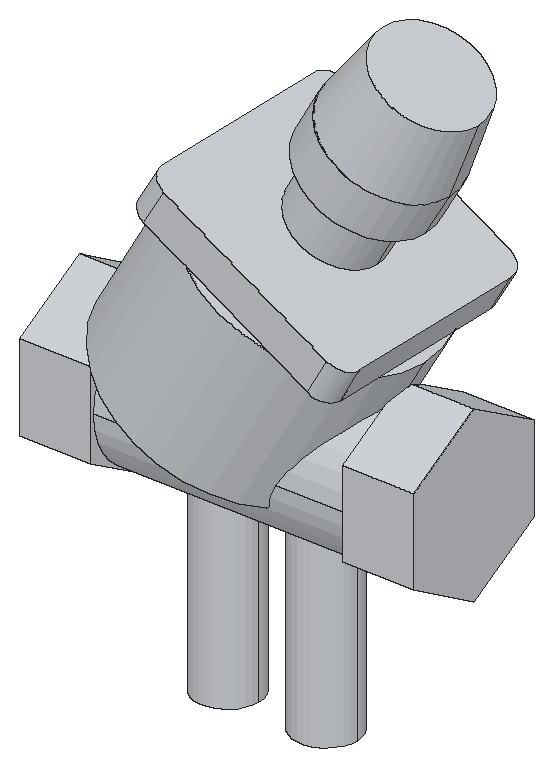
Revit family "OPTIMA_Compact_Plus_FF_DN25_5,5_RFA_2018", category Pipe Accessories, Revit 2018
Family settings
  Round Connector Dimension = Use Diameter
  Part Type = Valve - Breaks Into
  Work Plane-Based = No
  Always vertical = Yes
  Cut with Voids When Loaded = No
  Shared = No
Parameters (values of type "OPTIMA Compact Plus DN25 F-F 5.5mm")
  magiProductId = "d9f644dbdce8417aa9c852cd9f0b5f"
  magiProductFamilyId = "01be67634ee84b2d9a1468c78c5465"
  magiPartTypeId = 304
  isMeasuringValve [instance] = no
  ang2D [instance] = 0.00°
  Z = 0 mm
  X = 13 mm
  W2D = 32 mm
  VersionID = "2.0/2018.8.28.1/FRESE_OPTIMA-COMPACT-FF_001"
  Use Minimum Symbol Size [instance] = yes
  URL = "www.hydronic.cz"
  Type Comments = "vnitřní závit; PN25; 0~120°C, s měřením"
  R9 = 8 mm
  R8 = 14 mm
  R7 = 17 mm
  R6 = 12 mm
  R5 = 5 mm
  R4 = 29 mm
  R3 = 31.5 mm
  R2 = 18.5 mm
  R1 = 22 mm
  QmdConnectorList = "301;D;302;D"
  Productdata [instance] = ""
  PLG0 = yes
  Manufacturer = "Hydronic Systems Prague s.r.o."
  MC Product Code = "53-1373  (1\" F-F; 5.5mm; Qmin-dpmin 600l/h-17.3kPa; Qmax-dpmin 3609l/h-23.0kPa; dpmax 800kPa)"
  MC Piping Given Pressure Drop [instance] = 0.0 Pa
  LL = 50 mm
  L3 = 12.5 mm
  L2D_Min = 3048 mm
  L2D = 104 mm
  L2 = 64 mm
  L1__ve = -L1  # -18 mm
  L1 = 18 mm
  H6__ve = -H6  # -64 mm
  H6 = 64 mm
  H5 = 20 mm
  H4 = 12 mm
  H3 = 16 mm
  H2 = 10 mm
  H1 = 43 mm
  Description = "Tlakově nezávislý 2-cestný regulační vyvažovací ventil (PICV)"
  D = 25 mm
  CenSd_R1_6 = R1 * cos(30.00°)  # 19.053 mm
  A = 30.00°
Types (6, lengths in mm): name | magiProductId | Z | X | R4 | R3 | R2 | R1 | MC Product Code | LL | L3 | L2 | L1__ve | L1 | H6__ve | H6 | H3 | H2 | H1 | D | CenSd_R1_6
  OPTIMA Compact Plus DN32 F-F 5.5mm | "df1c00d195034ef0b1ec6dc57a3080" | 1 | 13 | 29 | 31.5 | 22 | 26 | "53-1374  (5/4\" F-F; 5.5mm; Qmin-dpmin 550l/h-17.9kPa; Qmax-dpmin 4001l/h-28.0kPa; dpmax 800kPa)" | 52 | 12.5 | 66.56 | -18.72 | 18.72 | -68 | 68 | 16 | 10 | 46 | 32 | 22.517
  OPTIMA Compact Plus DN15 F-F 2.5mm | "89b348523dca4fefb6c7ae521abddd" | 0 | 7 | 19 | 19 | 12 | 15 | "53-1364  (1/2\" F-F; 2.5mm; Qmin-dpmin 100l/h-14.9kPa; Qmax-dpmin 575l/h-18.5kPa; dpmax 800kPa)" | 37.5 | 11 | 48 | -13.5 | 13.5 | -57 | 57 | 18 | 8 | 26 | 15 | 12.99
  OPTIMA Compact Plus DN15 F-F 5.0mm | "2e6505697e744e01b0ad9c2d669662" | 0 | 7 | 19 | 19 | 12 | 15 | "53-1365  (1/2\" F-F; 5.0mm; Qmin-dpmin 220l/h-16.0kPa; Qmax-dpmin 1330l/h-21.6kPa; dpmax 800kPa)" | 37.5 | 11 | 48 | -13.5 | 13.5 | -57 | 57 | 18 | 8 | 26 | 15 | 12.99
  OPTIMA Compact Plus DN20 F-F 5.0mm | "3b063aaad6f44e8dbcb4679e4a622e" | 0 | 10 | 19 | 19 | 13.5 | 17.5 | "53-1368  (3/4\" F-F; 5.0mm; Qmin-dpmin 220l/h-16.0kPa; Qmax-dpmin 1330l/h-21.6kPa; dpmax 800kPa)" | 39.5 | 11 | 50.56 | -14.22 | 14.22 | -59.5 | 59.5 | 18 | 8 | 26 | 20 | 15.155
  OPTIMA Compact Plus DN20 F-F 5.5mm | "6f2e419bcadf4dd2a9ff6e694a03fa" | 0 | 10 | 19 | 19 | 13.5 | 17.5 | "53-1338  (3/4\" F-F; 5.5mm; Qmin-dpmin 300l/h-17.8kPa; Qmax-dpmin 1800l/h-40.0kPa; dpmax 800kPa)" | 39.5 | 11 | 50.56 | -14.22 | 14.22 | -59.5 | 59.5 | 18 | 8 | 26 | 20 | 15.155
  OPTIMA Compact Plus DN25 F-F 5.5mm | "d9f644dbdce8417aa9c852cd9f0b5f" | 0 | 13 | 29 | 31.5 | 18.5 | 22 | "53-1373  (1\" F-F; 5.5mm; Qmin-dpmin 600l/h-17.3kPa; Qmax-dpmin 3609l/h-23.0kPa; dpmax 800kPa)" | 50 | 12.5 | 64 | -18 | 18 | -64 | 64 | 16 | 10 | 43 | 25 | 19.053
Reference planes
  plane 1 "Center (Front/Back)": y = 0
  plane 2 "XYPLANE": z = 0
  plane 3 "Center (Left/Right)": x = 0
  plane 4 "267": x = 12.5
  plane 5 "266": x = -12.5
  plane 6 "252": through (-599.019, 0, 462.469) normal (0.5, 0, 0.866)
  plane 7 "250": through (-609.019, 0, 445.148) normal (0.5, 0, 0.866)
  plane 8 "248": through (-615.019, 0, 434.756) normal (0.5, 0, 0.866)
  plane 9 "245": through (-623.019, 0, 420.899) normal (0.5, 0, 0.866)
  plane 10 "241": through (338.627, 0, 670.519) normal (0.866, 0, -0.5)
  plane 11 "240": through (388.856, 0, 641.519) normal (0.866, 0, -0.5)
  plane 12 "239": y = -29
  plane 13 "238": y = 29
  plane 14 "237": through (-628.019, 0, 412.239) normal (0.5, 0, 0.866)
  plane 15 "235": through (-649.519, 0, 375) normal (0.5, 0, 0.866)
  plane 16 "231": y = 0
  plane 17 "230": through (363.742, 0, 656.019) normal (0.866, 0, -0.5)
  plane 18 "211": x = -32
  plane 19 "204": x = 50
  plane 20 "203": x = -50
  plane 21 "202": x = 0
  plane 22 "201": z = 0
  plane 23 "200": y = 0
  plane 24 "227XY": through (-649.519, 0, 375) normal (0.5, 0, 0.866)
  plane 25 "227XZ": y = 0
  plane 26 "227YZ": through (375, 0, 649.519) normal (0.866, 0, -0.5)
Forms (mm)
  Extrusion 1, solid
    sketch origin (50, -750, 0) x (0, 1, 0) y (0, 0, 1)
      loop
        line (750, 22) -> (730.947, 11) -> (730.947, -11) -> (750, -22) -> (769.053, -11) -> (769.053, 11) -> (750, 22)
    from 0 to -18 <- "L1__ve"
  Extrusion 2, solid
    sketch origin (-50, -750, 0) x (0, 1, 0) y (0, 0, 1)
      loop
        line (750, 22) -> (730.947, 11) -> (730.947, -11) -> (750, -22) -> (769.053, -11) -> (769.053, 11) -> (750, 22)
    from 0 to 18 <- "L1"
  Extrusion 3, solid, visible <- "PLG0"
    sketch origin (-750, 0, 0) x (1, 0, 0) y (0, 1, 0)
      loop
        circle (762.5, 0) r 8
    from 0 to -64 <- "H6__ve"
  Extrusion 4, solid, visible <- "PLG0"
    sketch origin (-750, 0, 0) x (1, 0, 0) y (0, 1, 0)
      loop
        circle (737.5, 0) r 8
    from 0 to -64 <- "H6__ve"
  Blend 5, solid
    base sketch origin (-609.019, 0, 445.148) x (0.866025, 0, -0.5) y (0, 1, 0)
      loop
        circle (737, 0) r 17
    top sketch origin (-609.019, 0, 445.148) x (0.866025, 0, -0.5) y (0, 1, 0)
      loop
        circle (737, 0) r 14
    from 0 to 20
  Extrusion 6, solid
    sketch origin (-615.019, 0, 434.756) x (0.866025, 0, -0.5) y (0, 1, 0)
      loop
        circle (737, 0) r 17
    from 0 to 12 <- "H4"
  Extrusion 7, solid
    sketch origin (-623.019, 0, 420.899) x (0.866025, 0, -0.5) y (0, 1, 0)
      loop
        circle (737, 0) r 12
    from 0 to 16 <- "H3"
  Extrusion 8, solid
    sketch origin (-628.019, 0, 412.239) x (0.866025, 0, -0.5) y (0, 1, 0)
      loop
        arc (713, 29) -> (709.464, 27.536) -> (708, 24) r 5
        line (708, 24) -> (708, -24)
        arc (708, -24) -> (709.464, -27.536) -> (713, -29) r 5
        line (713, -29) -> (761, -29)
        arc (761, -29) -> (764.536, -27.536) -> (766, -24) r 5
        line (766, -24) -> (766, 24)
        arc (766, 24) -> (764.536, 27.536) -> (761, 29) r 5
        line (761, 29) -> (713, 29)
    from 0 to 10 <- "H2"
  Extrusion 9, solid
    sketch origin (-649.519, 0, 375) x (0.866025, 0, -0.5) y (0, 1, 0)
      loop
        circle (737, 0) r 31.5
    from 0 to 43 <- "H1"
  Extrusion 10, solid
    sketch origin (-32, -750, 0) x (0, 1, 0) y (0, 0, 1)
      loop
        circle (750, 0) r 18.5
    from 0 to 64 <- "L2"
  Extrusion 11, solid, not visible
    sketch origin (50, -750, 0) x (0, 1, 0) y (0, 0, 1)
      loop
        circle (750, 0) r 10
    from 0 to -10
  Extrusion 12, solid, not visible
    sketch origin (-50, -750, 0) x (0, 1, 0) y (0, 0, 1)
      loop
        circle (750, 0) r 10
    from 0 to 10
Lines and regions (mm)
  reference lines, not visible
    curve 1: circle (2, 2, 0) r 1 normal (0, 0, 1)
  reference lines
    curve 2: line (50, 0, 0) -> (50, -11.258, -6.5)
    curve 3: line (50, 0, 0) -> (50, 0, -13)
    curve 4: line (50, 0, 0) -> (50, 11.258, -6.5)
    curve 5: line (-50, 0, 0) -> (-50, 11.258, -6.5)
    curve 6: line (-50, 0, 0) -> (-50, 0, -13)
    curve 7: line (-50, 0, 0) -> (-50, -11.258, -6.5)
Dimensions and locks
  plane 1 "Center (Front/Back)" to curve 1 = 2 mm
  "L3": plane 3 "Center (Left/Right)" to plane 4 "267"
  "L3": plane 3 "Center (Left/Right)" to plane 5 "266"
  "H5": plane 7 "250" to plane 6 "252"
  "H4": plane 8 "248" to plane 7 "250"
  "H3": plane 9 "245" to plane 8 "248"
  "H2": plane 14 "237" to plane 9 "245"
  "R4": plane 17 "230" to plane 10 "241"
  "R4": plane 17 "230" to plane 11 "240"
  "R4": plane 23 "200" to plane 12 "239"
  "R4": plane 23 "200" to plane 13 "238"
  "H1": plane 15 "235" to plane 14 "237"
  "Z": plane 24 "227XY" to plane 15 "235"
  locked: plane 23 "200" to plane 16 "231"
  "X": plane 26 "227YZ" to plane 17 "230"
  "L1": plane 20 "203" to plane 18 "211"
  "LL": plane 3 "Center (Left/Right)" to plane 19 "204"
  "LL": plane 3 "Center (Left/Right)" to plane 20 "203"
  locked: plane 3 "Center (Left/Right)" to plane 21 "202"
  locked: plane 2 "XYPLANE" to plane 22 "201"
  locked: plane 1 "Center (Front/Back)" to plane 23 "200"
  "CenSd_R1_6": curve 2 to Extrusion 1 sketch curve  (x2)
  "CenSd_R1_6": curve 3 to Extrusion 1 sketch curve  (x2)
  "CenSd_R1_6": curve 4 to Extrusion 1 sketch curve  (x2)
  Extrusion 1 sketch curve to Extrusion 1 sketch curve = 0 mm  (x12)
  "CenSd_R1_6": curve 5 to Extrusion 2 sketch curve  (x2)
  "CenSd_R1_6": curve 6 to Extrusion 2 sketch curve  (x2)
  "CenSd_R1_6": curve 7 to Extrusion 2 sketch curve  (x2)
  Extrusion 2 sketch curve to Extrusion 2 sketch curve = 0 mm  (x12)
  Extrusion 8 sketch curve to Extrusion 8 sketch curve = 0 mm  (x16)
  "R9": radius of Extrusion 3 sketch curve
  "R9": radius of Extrusion 4 sketch curve
  "R8": radius of Blend 5 sketch curve
  "R7": radius of Blend 5 sketch curve
  "R7": radius of Extrusion 6 sketch curve
  "R6": radius of Extrusion 7 sketch curve
  "R5": radius of Extrusion 8 sketch curve  (x4)
  "R3": radius of Extrusion 9 sketch curve
  "R2": radius of Extrusion 10 sketch curve
  locked: curve 3 to curve 2 (angle 60.00°)
  locked: curve 4 to curve 3 (angle 60.00°)
  locked: curve 4 to curve 2 (angle 120.00°)
  locked: curve 6 to curve 5 (angle 60.00°)
  locked: curve 7 to curve 6 (angle 60.00°)
  locked: curve 7 to curve 5 (angle 120.00°)
  aligned and locked: level to plane 2 "XYPLANE"
  aligned and locked: plane 22 "201" to curve 4
  aligned and locked: curve 4 to plane 23 "200"
  aligned and locked: plane 22 "201" to curve 7
  aligned and locked: curve 7 to plane 23 "200"
  aligned and locked: plane 4 "267" to Extrusion 3 sketch curve
  aligned and locked: plane 23 "200" to Extrusion 3 sketch curve
  aligned and locked: plane 5 "266" to Extrusion 4 sketch curve
  aligned and locked: plane 23 "200" to Extrusion 4 sketch curve
  aligned and locked: plane 16 "231" to Blend 5 sketch curve  (x2)
  aligned and locked: Blend 5 sketch curve to plane 17 "230"  (x2)
  aligned and locked: plane 6 "252" to Blend 5
  aligned and locked: plane 16 "231" to Extrusion 6 sketch curve
  aligned and locked: Extrusion 6 sketch curve to plane 17 "230"
  aligned and locked: plane 16 "231" to Extrusion 7 sketch curve
  aligned and locked: Extrusion 7 sketch curve to plane 17 "230"
  aligned and locked: Extrusion 8 sketch curve to plane 10 "241"
  aligned and locked: Extrusion 8 sketch curve to plane 12 "239"
  aligned and locked: Extrusion 8 sketch curve to plane 11 "240"
  aligned and locked: plane 13 "238" to Extrusion 8 sketch curve
  aligned and locked: plane 16 "231" to Extrusion 9 sketch curve
  aligned and locked: Extrusion 9 sketch curve to plane 17 "230"
  aligned and locked: plane 22 "201" to Extrusion 10 sketch curve
  aligned and locked: Extrusion 10 sketch curve to plane 23 "200"
  aligned and locked: plane 22 "201" to Extrusion 11 sketch curve
  aligned and locked: Extrusion 11 sketch curve to plane 23 "200"
  aligned and locked: plane 22 "201" to Extrusion 12 sketch curve
  aligned and locked: Extrusion 12 sketch curve to plane 23 "200"
Automatic sketch dimensions
  plane 1 "Center (Front/Back)" to Extrusion 11 sketch curve = 10 mm
  plane 1 "Center (Front/Back)" to Extrusion 12 sketch curve = 10 mm
  plane 3 "Center (Left/Right)" to curve 1 = 2 mm
  radius of curve 1 = 1 mm
Connectors
  piping at (-50, 0, 0), diameter 25, driven by "D"
    settings: on Extrusion 12, index 1, connector inside diameter 609.6 mm, connector length 0 mm, flow factor 0, pipe flow 0.0 L/s, pressure drop 0.0 Pa, fitting loss kfactor 0, connector angle 0.00°, fixture units 0, engagement length 0 mm, angle of deflection 0.00°, flow configuration 0, flow direction 0, fitting loss method 0, system type 29, joint type 0, gender type 0, connector reference index 2, connector utility 0, adjustable connector no, is connector primary yes, connector description ""
  piping at (50, 0, 0), diameter 25, driven by "D"
    settings: on Extrusion 11, index 2, connector inside diameter 609.6 mm, connector length 0 mm, flow factor 0, pipe flow 0.0 L/s, pressure drop 0.0 Pa, fitting loss kfactor 0, connector angle 0.00°, fixture units 0, engagement length 0 mm, angle of deflection 0.00°, flow configuration 0, flow direction 0, fitting loss method 0, system type 29, joint type 0, gender type 0, connector reference index 1, connector utility 0, adjustable connector no, is connector primary no, connector description ""
